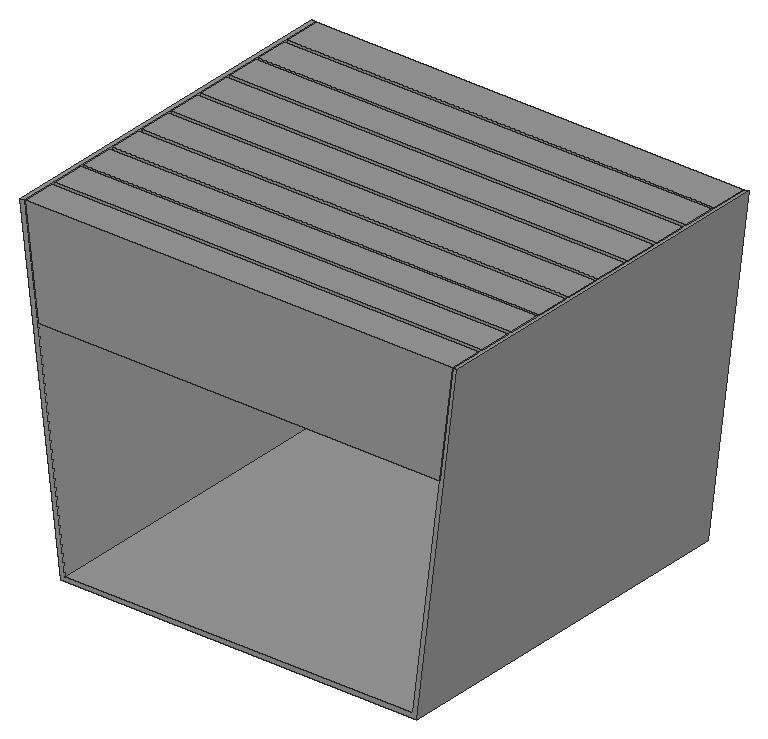
Revit family "Кресло стальное «Симпозиум» без спинки Арт 22378", category Антураж, Revit 2018
Family settings
  На основе рабочей плоскости = Нет
  Всегда вертикально = Да
  При загрузке вырезать с полостями = Нет
  Источник визуального образа = Геометрия семейства
  Общий = Нет
  Точка расчета площади = Нет
Parameters (values of type "Кресло стальное «Симпозиум» без спинки")
  Ширина = 500 mm  # constant formula
  Цвет опоры = Сталь
  Цвет лавки = Дерево
  Описание = "Кресло стальное «Симпозиум» без спинки"  # constant formula
  Материал изделия = "Сталь, дерево"  # constant formula
  Изображение типоразмера = Кресло стальное «Симпозиум» без спинки Арт 22378.jpg
  Изготовитель = "ООО «Хоббика»"  # constant formula
  Длина = 600 mm  # constant formula
  Группа модели = "Скамейки"  # constant formula
  Высота = 450 mm  # constant formula
  Артикул товара = "Арт. 22378"  # constant formula
  URL = "https://hobbyka.ru/product/kreslo_bez_spinki_simpozium/"
Reference planes
  plane 1 "По центру (Вперед/Назад)": y = 0
  plane 2: z = 0
  plane 3 "По центру (Влево/Вправо)": x = 0
  plane 4: y = 500
  plane 5: z = 450
  plane 6: x = 600
Forms (mm)
  Extrusion 1, solid, material "Сталь" <- "Цвет опоры"
    sketch origin (0, 0, 0) x (1, 0, 0) y (0, 0, 1)
      loop
        line (0, 450) -> (55.253, 0) -> (544.747, 0) -> (600, 450) -> (593.955, 450) -> (539.439, 6) -> (60.561, 6) -> (6.045, 450) -> (0, 450)
    from 0 to -500
  Extrusion 2, solid, material "Дерево" <- "Цвет лавки"
    sketch origin (0, 0, 0) x (1, 0, 0) y (0, 0, 1)
      loop
        line (23.849, 305) -> (576.151, 305) -> (593.955, 450) -> (6.045, 450) -> (23.849, 305)
    from 0 to -45
  Extrusion 3, solid, material "Дерево" <- "Цвет лавки"
    sketch origin (0, 0, 0) x (1, 0, 0) y (0, 0, 1)
      loop
        line (23.849, 305) -> (576.151, 305) -> (593.955, 450) -> (6.045, 450) -> (23.849, 305)
    from -450 to -500
  Extrusion 4, solid, material "Дерево" <- "Цвет лавки"
    sketch origin (0, 0, 0) x (1, 0, 0) y (0, 0, 1)
      loop
        line (12.184, 400) -> (587.816, 400) -> (593.955, 450) -> (6.045, 450) -> (12.184, 400)
    from -95 to -50
  Extrusion 5, solid, material "Дерево" <- "Цвет лавки"
    sketch origin (0, 0, 0) x (1, 0, 0) y (0, 0, 1)
      loop
        line (12.184, 400) -> (587.816, 400) -> (593.955, 450) -> (6.045, 450) -> (12.184, 400)
    from -145 to -100
  Extrusion 6, solid, material "Дерево" <- "Цвет лавки"
    sketch origin (0, 0, 0) x (1, 0, 0) y (0, 0, 1)
      loop
        line (12.184, 400) -> (587.816, 400) -> (593.955, 450) -> (6.045, 450) -> (12.184, 400)
    from -195 to -150
  Extrusion 7, solid, material "Дерево" <- "Цвет лавки"
    sketch origin (0, 0, 0) x (1, 0, 0) y (0, 0, 1)
      loop
        line (12.184, 400) -> (587.816, 400) -> (593.955, 450) -> (6.045, 450) -> (12.184, 400)
    from -445 to -400
  Extrusion 8, solid, material "Дерево" <- "Цвет лавки"
    sketch origin (0, 0, 0) x (1, 0, 0) y (0, 0, 1)
      loop
        line (12.184, 400) -> (587.816, 400) -> (593.955, 450) -> (6.045, 450) -> (12.184, 400)
    from -395 to -350
  Extrusion 9, solid, material "Дерево" <- "Цвет лавки"
    sketch origin (0, 0, 0) x (1, 0, 0) y (0, 0, 1)
      loop
        line (12.184, 400) -> (587.816, 400) -> (593.955, 450) -> (6.045, 450) -> (12.184, 400)
    from -345 to -300
  Extrusion 10, solid, material "Дерево" <- "Цвет лавки"
    sketch origin (0, 0, 0) x (1, 0, 0) y (0, 0, 1)
      loop
        line (12.184, 400) -> (587.816, 400) -> (593.955, 450) -> (6.045, 450) -> (12.184, 400)
    from -295 to -250
  Extrusion 11, solid, material "Дерево" <- "Цвет лавки"
    sketch origin (0, 0, 0) x (1, 0, 0) y (0, 0, 1)
      loop
        line (12.184, 400) -> (587.816, 400) -> (593.955, 450) -> (6.045, 450) -> (12.184, 400)
    from -245 to -200
Dimensions and locks
  "Ширина": plane 4 to plane 1 "По центру (Вперед/Назад)"
  "Длина": plane 3 "По центру (Влево/Вправо)" to plane 6
  "Высота": plane 5 to level
  aligned and locked: level to plane 2
Automatic sketch dimensions
  Extrusion 1 sketch curve to plane 3 "По центру (Влево/Вправо)" = 0 mm
  Extrusion 1 sketch curve to plane 5 = 0 mm  (x2)
  Extrusion 1 sketch curve to level = 0 mm
  Extrusion 1 sketch curve to plane 6 = 0 mm
  Extrusion 1 sketch curve to Extrusion 1 sketch curve = 6.045 mm  (x2)
  plane 3 "По центру (Влево/Вправо)" to Extrusion 1 sketch curve = 55.253 mm
  Extrusion 1 sketch curve to Extrusion 1 sketch curve = 5.308 mm  (x2)
  level to Extrusion 1 sketch curve = 6 mm
  Extrusion 1 sketch curve to plane 6 = 60.561 mm
  Extrusion 2 sketch curve to plane 5 = 0 mm
  plane 3 "По центру (Влево/Вправо)" to Extrusion 2 sketch curve = 6.045 mm
  plane 3 "По центру (Влево/Вправо)" to Extrusion 2 sketch curve = 23.849 mm
  Extrusion 2 sketch curve to plane 6 = 23.849 mm
  Extrusion 2 sketch curve to plane 6 = 6.045 mm
  Extrusion 2 sketch curve to plane 5 = 145 mm
  Extrusion 3 sketch curve to plane 5 = 0 mm
  plane 3 "По центру (Влево/Вправо)" to Extrusion 3 sketch curve = 6.045 mm
  plane 3 "По центру (Влево/Вправо)" to Extrusion 3 sketch curve = 23.849 mm
  Extrusion 3 sketch curve to plane 6 = 23.849 mm
  Extrusion 3 sketch curve to plane 6 = 6.045 mm
  Extrusion 3 sketch curve to plane 5 = 145 mm
  Extrusion 4 sketch curve to plane 5 = 0 mm
  plane 3 "По центру (Влево/Вправо)" to Extrusion 4 sketch curve = 6.045 mm
  plane 3 "По центру (Влево/Вправо)" to Extrusion 4 sketch curve = 12.184 mm
  Extrusion 4 sketch curve to plane 6 = 12.184 mm
  Extrusion 4 sketch curve to plane 6 = 6.045 mm
  Extrusion 4 sketch curve to plane 5 = 50 mm
  Extrusion 5 sketch curve to plane 5 = 0 mm
  plane 3 "По центру (Влево/Вправо)" to Extrusion 5 sketch curve = 6.045 mm
  plane 3 "По центру (Влево/Вправо)" to Extrusion 5 sketch curve = 12.184 mm
  Extrusion 5 sketch curve to plane 6 = 12.184 mm
  Extrusion 5 sketch curve to plane 6 = 6.045 mm
  Extrusion 5 sketch curve to plane 5 = 50 mm
  Extrusion 6 sketch curve to plane 5 = 0 mm
  plane 3 "По центру (Влево/Вправо)" to Extrusion 6 sketch curve = 6.045 mm
  plane 3 "По центру (Влево/Вправо)" to Extrusion 6 sketch curve = 12.184 mm
  Extrusion 6 sketch curve to plane 6 = 12.184 mm
  Extrusion 6 sketch curve to plane 6 = 6.045 mm
  Extrusion 6 sketch curve to plane 5 = 50 mm
  Extrusion 7 sketch curve to plane 5 = 0 mm
  plane 3 "По центру (Влево/Вправо)" to Extrusion 7 sketch curve = 6.045 mm
  plane 3 "По центру (Влево/Вправо)" to Extrusion 7 sketch curve = 12.184 mm
  Extrusion 7 sketch curve to plane 6 = 12.184 mm
  Extrusion 7 sketch curve to plane 6 = 6.045 mm
  Extrusion 7 sketch curve to plane 5 = 50 mm
  Extrusion 8 sketch curve to plane 5 = 0 mm
  plane 3 "По центру (Влево/Вправо)" to Extrusion 8 sketch curve = 6.045 mm
  plane 3 "По центру (Влево/Вправо)" to Extrusion 8 sketch curve = 12.184 mm
  Extrusion 8 sketch curve to plane 6 = 12.184 mm
  Extrusion 8 sketch curve to plane 6 = 6.045 mm
  Extrusion 8 sketch curve to plane 5 = 50 mm
  Extrusion 9 sketch curve to plane 5 = 0 mm
  plane 3 "По центру (Влево/Вправо)" to Extrusion 9 sketch curve = 6.045 mm
  plane 3 "По центру (Влево/Вправо)" to Extrusion 9 sketch curve = 12.184 mm
  Extrusion 9 sketch curve to plane 6 = 12.184 mm
  Extrusion 9 sketch curve to plane 6 = 6.045 mm
  Extrusion 9 sketch curve to plane 5 = 50 mm
  Extrusion 10 sketch curve to plane 5 = 0 mm
  plane 3 "По центру (Влево/Вправо)" to Extrusion 10 sketch curve = 6.045 mm
  plane 3 "По центру (Влево/Вправо)" to Extrusion 10 sketch curve = 12.184 mm
  Extrusion 10 sketch curve to plane 6 = 12.184 mm
  Extrusion 10 sketch curve to plane 6 = 6.045 mm
  Extrusion 10 sketch curve to plane 5 = 50 mm
  Extrusion 11 sketch curve to plane 5 = 0 mm
  plane 3 "По центру (Влево/Вправо)" to Extrusion 11 sketch curve = 6.045 mm
  plane 3 "По центру (Влево/Вправо)" to Extrusion 11 sketch curve = 12.184 mm
  Extrusion 11 sketch curve to plane 6 = 12.184 mm
  Extrusion 11 sketch curve to plane 6 = 6.045 mm
  Extrusion 11 sketch curve to plane 5 = 50 mm
